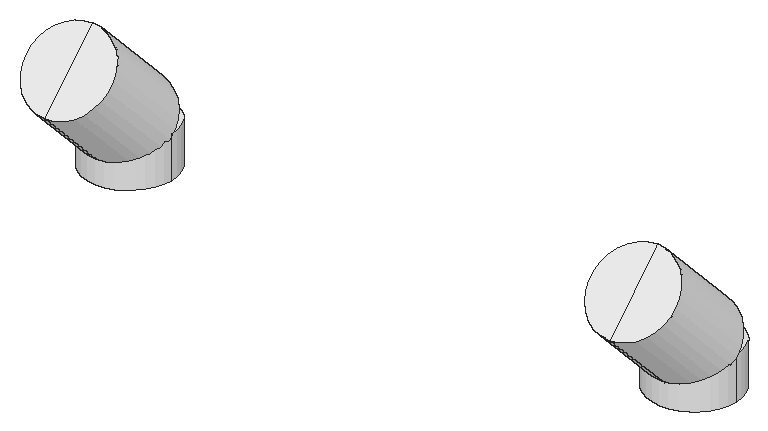
Revit family "Deca_Misturador de mesa para cozinha_Izy_1256.37", category Plumbing Fixtures, host Face, Revit 2019
Family settings
  Host = Face
  Round Connector Dimension = Use Radius
  Part Type = Normal
  Cut with Voids When Loaded = No
  Shared = No
  Room Calculation Point = No
Parameters (values of type "1256.C37_Cromado")
  Vazão na Pressão mín. (L/min) = "5 l/min"
  Vazão na Pressão máx. (L/min) = "16 l/min"
  URL = "www.deca.com.br"
  Tipo de rosca de saída = "-"
  Tipo de rosca de entrada = "BSP NBR 8133"
  Tipo de mecanismo utilizado = "MVC -1/4 volta"
  Tipo de dispositivo economizador = "Não"
  Segmento = "Banheiro Médio"
  Saída de Esgoto = "-"
  Raio Água Quente = 7.5 mm  # constant formula
  Raio Água Fria = 7.5 mm  # constant formula
  Pressão mín. funcionamento = "2 MCA"
  Pressão mín. Aquec. Passagem = "-"
  Pressão mín. Aquec. Acúmulo = "-"
  Pressão máx. funcionamento = "40 MCA"
  Peso Líquido (Kg) = 1.812
  Norma = "NBR16749"
  Model = "1256.C37"
  Material = Deca_Cromado
  Manufacturer = "Deca"
  Linha = "Izy"
  Itens de Instalação = "-"
  Informações Complementares = "-"
  HWFU = 0
  Diâmetro Água Quente = Raio Água Quente * 2  # 15 mm
  Diâmetro Água Fria = Raio Água Fria * 2  # 15 mm
  Description = "Misturador de mesa para cozinha"
  Default Elevation = 0 mm
  Código Pai = "1256.37"
  Criado por = "quattroD"
  Cores Componente = "-"
  Cor Secundária = "-"
  Cor Principal = "Cromado"
  Cor Interna = "-"
  Consumo = "-"
  Composição Componente = "-"
  Composição Básica = "Liga de Cobre (bronze e latão),Plásticos de Engenharia,Elastômeros"
  Composição Assento = "-"
  Composição Anel Vedação = "-"
  Categoria = "METAIS PARA COZINHA"
  CWFU = 0
  Atendimento ao Cliente = "0800-0117073"
  Assembly Code = ""
  Aprovado por = "quattroD"
  Acompanha o Produto = "-"
Reference planes
  plane 1 "Center (Front/Back)": y = 0
  plane 2: z = 0
  plane 3 "Center (Left/Right)": x = 0
Forms (mm)
  Revolve 1, solid, material "Deca_Cromado" <- "Material"
    sketch origin (-100, 28.328, 1219.2) x (0, 1, 0) y (0, 0, 1)
      loop
        line (-17.576, -1153.589) -> (-44.59, -1126.576) -> (-55.212, -1137.198) -> (-28.345, -1164.066) -> (-17.576, -1153.589)
      axis (-55.212, -1137.198) -> (-28.199, -1164.212)
    angle from 0 to 360
  Extrusion 2, solid, material "Deca_Cromado" <- "Material"
    sketch origin (0, 0, 0) x (1, 0, 0) y (0, 1, 0)
      loop
        circle (-100, 0) r 15
    from 40.686 to 55.358
  Revolve 3, solid, material "Deca_Cromado" <- "Material"
    sketch origin (100, 28.328, 1219.2) x (0, 1, 0) y (0, 0, 1)
      loop
        line (-17.576, -1153.589) -> (-44.59, -1126.576) -> (-55.212, -1137.198) -> (-28.345, -1164.066) -> (-17.576, -1153.589)
      axis (-55.212, -1137.198) -> (-28.199, -1164.212)
    angle from 0 to 360
  Extrusion 4, solid, material "Deca_Cromado" <- "Material"
    sketch origin (0, 0, 0) x (-1, 0, 0) y (0, -1, 0)
      loop
        circle (-100, 0) r 15
    from 40.686 to 55.358
Lines and regions (mm)
  Masking region 1
    outline origin (0, 0, 0) x (1, 0, 0) y (0, 1, 0)
      loop
        arc (109.226, -41.997) -> (109.903, -40.438) -> (110.216, -38.767) r 7.616
        line (110.216, -38.767) -> (114.749, -33.907)
        arc (114.749, -33.907) -> (115.043, -33.375) -> (115.054, -32.767) r 1.257
        line (115.054, -32.767) -> (115.054, -28.265) -> (115.72, -26.215)
        arc (115.72, -26.215) -> (115.961, -24.693) -> (115.72, -23.171) r 4.926
        arc (115.72, -23.171) -> (117.251, 22.054) -> (73.726, 9.678) r 28
        line (73.726, 9.678) -> (7.88, 12.009)
        arc (7.88, 12.009) -> (0, 14.364) -> (-7.88, 12.009) r 14.364
        line (-7.88, 12.009) -> (-73.737, 9.709)
        arc (-73.737, 9.709) -> (-117.265, 22.044) -> (-115.72, -23.171) r 28
        arc (-115.72, -23.171) -> (-115.871, -24.899) -> (-115.72, -26.626) r 9.95
        line (-115.72, -26.626) -> (-115.114, -28.291) -> (-115.114, -33.87) -> (-110.219, -38.765)
        arc (-110.219, -38.765) -> (-109.872, -40.404) -> (-109.147, -41.913) r 7.018
        arc (-109.147, -41.913) -> (-110.735, -43.972) -> (-111.868, -46.313) r 12.622
        line (-111.868, -46.313) -> (-133, -46.313) -> (-133, -57.313) -> (-111.876, -57.313)
        arc (-111.876, -57.313) -> (-109.683, -61.75) -> (-105.5, -64.396) r 9.148
        line (-105.5, -64.396) -> (-105.5, -74.69)
        spline (-105.5, -74.69) -> (-105.313, -75.696) -> (-104.763, -76.634) -> (-103.889, -77.44) -> (-102.75, -78.058) -> (-101.424, -78.446) -> (-100, -78.579) -> (-98.576, -78.446) -> (-97.25, -78.058) -> (-96.111, -77.44) -> (-95.237, -76.634) -> (-94.687, -75.696) -> (-94.5, -74.69)
        line (-94.5, -74.69) -> (-94.5, -64.396)
        arc (-94.5, -64.396) -> (-90.191, -61.905) -> (-88.269, -57.313) r 7.792
        line (-88.269, -57.313) -> (-67, -57.313) -> (-67, -46.313) -> (-88.132, -46.313)
        arc (-88.132, -46.313) -> (-89.234, -44.022) -> (-90.774, -41.997) r 12.622
        arc (-90.774, -41.997) -> (-89.999, -40.415) -> (-89.78, -38.667) r 5.346
        arc (-89.78, -38.667) -> (-87.189, -36.43) -> (-84.952, -33.839) r 23.37
        arc (-84.952, -33.839) -> (-84.893, -33.301) -> (-84.952, -32.762) r 2.468
        line (-84.952, -32.762) -> (-84.952, -28.32) -> (-84.124, -25.289) -> (-84.124, -23.064)
        arc (-84.124, -23.064) -> (-77.888, -17.177) -> (-73.726, -9.678) r 28
        line (-73.726, -9.678) -> (-8.75, -11.979) -> (-8.75, -163.047)
        spline (-8.75, -163.047) -> (-9.125, -163.489) -> (-9.477, -163.948) -> (-9.807, -164.424) -> (-10.112, -164.916) -> (-10.392, -165.422) -> (-10.647, -165.941) -> (-10.876, -166.473) -> (-11.078, -167.015) -> (-11.252, -167.566) -> (-11.4, -168.126) -> (-11.519, -168.691) -> (-11.61, -169.263)
        line (-11.61, -169.263) -> (-11.61, -174.834)
        spline (-11.61, -174.834) -> (-11.214, -177.828) -> (-10.054, -180.618) -> (-8.209, -183.014) -> (-5.805, -184.853) -> (-3.005, -186.008) -> (0, -186.402) -> (3.005, -186.008) -> (5.805, -184.853) -> (8.209, -183.014) -> (10.054, -180.618) -> (11.214, -177.828) -> (11.61, -174.834)
        line (11.61, -174.834) -> (11.61, -169.263)
        spline (11.61, -169.263) -> (11.519, -168.691) -> (11.4, -168.126) -> (11.252, -167.566) -> (11.078, -167.015) -> (10.876, -166.473) -> (10.647, -165.941) -> (10.392, -165.422) -> (10.112, -164.916) -> (9.807, -164.424) -> (9.477, -163.948) -> (9.125, -163.489) -> (8.75, -163.047)
        line (8.75, -163.047) -> (8.75, -11.979) -> (73.737, -9.709)
        arc (73.737, -9.709) -> (77.956, -17.265) -> (84.28, -23.171) r 28
        line (84.28, -23.171) -> (84.28, -26.209) -> (84.945, -28.384) -> (84.945, -33.384) -> (89.78, -38.946)
        arc (89.78, -38.946) -> (89.971, -40.583) -> (90.728, -42.047) r 4.586
        arc (90.728, -42.047) -> (89.217, -44.05) -> (88.132, -46.313) r 12.622
        line (88.132, -46.313) -> (67, -46.313) -> (67, -57.313) -> (88.124, -57.313)
        arc (88.124, -57.313) -> (90.317, -61.75) -> (94.5, -64.396) r 9.148
        line (94.5, -64.396) -> (94.5, -74.69)
        spline (94.5, -74.69) -> (94.687, -75.696) -> (95.237, -76.634) -> (96.111, -77.44) -> (97.25, -78.058) -> (98.576, -78.446) -> (100, -78.579) -> (101.424, -78.446) -> (102.75, -78.058) -> (103.889, -77.44) -> (104.763, -76.634) -> (105.313, -75.696) -> (105.5, -74.69)
        line (105.5, -74.69) -> (105.5, -64.396)
        arc (105.5, -64.396) -> (109.809, -61.905) -> (111.731, -57.313) r 7.792
        line (111.731, -57.313) -> (133, -57.313) -> (133, -46.313) -> (111.868, -46.313)
        arc (111.868, -46.313) -> (110.735, -43.971) -> (109.146, -41.912) r 12.622
  Masking region 2
    outline origin (0, 0, 0) x (0, 1, 0) y (0, 0, 1)
      loop
        line (-27, 0) -> (27, 0) -> (27, 9.5)
        arc (27, 9.5) -> (26.854, 9.854) -> (26.5, 10) r 0.5
        line (26.5, 10) -> (14.999, 10) -> (14.999, 55.327) -> (16.999, 76.653) -> (16.999, 83.653) -> (13.073, 83.653) -> (13.073, 85.038) -> (17.002, 85.038) -> (17.002, 99.038) -> (8.75, 99.038) -> (8.75, 131.326)
        arc (8.75, 131.326) -> (-0.948, 176.284) -> (-27.878, 213.568) r 112.139
        line (-27.878, 213.568) -> (-106.75, 284.548)
        arc (-106.75, 284.548) -> (-153.425, 291.41) -> (-178.773, 251.621) r 43.39
        arc (-178.773, 251.621) -> (-179.231, 250.033) -> (-180.46, 248.929) r 3
        arc (-180.46, 248.929) -> (-180.777, 248.686) -> (-180.974, 248.339) r 1
        line (-180.974, 248.339) -> (-181.623, 247.85) -> (-181.623, 228.65)
        arc (-181.623, 228.65) -> (-181.33, 227.943) -> (-180.623, 227.65) r 1
        line (-180.623, 227.65) -> (-176.023, 227.65)
        arc (-176.023, 227.65) -> (-175.442, 226.831) -> (-174.623, 226.25) r 3
        line (-174.623, 226.25) -> (-174.623, 224.5) -> (-180.848, 219.637) -> (-181.623, 219.5) -> (-181.623, 201)
        arc (-181.623, 201) -> (-181.33, 200.293) -> (-180.623, 200) r 1
        line (-180.623, 200) -> (-159.423, 200)
        arc (-159.423, 200) -> (-158.716, 200.293) -> (-158.423, 201) r 1
        line (-158.423, 201) -> (-158.423, 219.5) -> (-159.198, 219.637) -> (-165.423, 224.5) -> (-165.423, 226.25)
        arc (-165.423, 226.25) -> (-164.604, 226.831) -> (-164.023, 227.65) r 3
        line (-164.023, 227.65) -> (-159.423, 227.65)
        arc (-159.423, 227.65) -> (-158.716, 227.943) -> (-158.423, 228.65) r 1
        line (-158.423, 228.65) -> (-158.423, 247.85) -> (-159.072, 248.339)
        arc (-159.072, 248.339) -> (-159.268, 248.686) -> (-159.585, 248.929) r 1
        arc (-159.585, 248.929) -> (-160.787, 249.989) -> (-161.271, 251.517) r 3
        arc (-161.271, 251.517) -> (-146.351, 275.4) -> (-118.456, 271.54) r 25.892
        line (-118.456, 271.54) -> (-39.624, 200.596)
        arc (-39.624, 200.596) -> (-16.934, 169.164) -> (-8.75, 131.272) r 94.639
        line (-8.75, 131.272) -> (-8.75, 99.038) -> (-17.002, 99.038) -> (-17.002, 91.884) -> (-17.885, 91.001) -> (-22.835, 95.951) -> (-27.892, 90.893) -> (-33.761, 96.762) -> (-30.97, 99.554)
        arc (-30.97, 99.554) -> (-30.384, 100.968) -> (-30.97, 102.382) r 2
        line (-30.97, 102.382) -> (-32.037, 103.449)
        arc (-32.037, 103.449) -> (-32.183, 103.802) -> (-32.037, 104.156) r 0.5
        line (-32.037, 104.156) -> (-17.193, 119.008) -> (-24.969, 126.78) -> (-39.811, 111.93)
        arc (-39.811, 111.93) -> (-40.165, 111.784) -> (-40.518, 111.93) r 0.5
        line (-40.518, 111.93) -> (-41.223, 112.635)
        arc (-41.223, 112.635) -> (-41.93, 112.928) -> (-42.637, 112.635) r 1
        line (-42.637, 112.635) -> (-44.05, 111.223) -> (-44.756, 111.929)
        arc (-44.756, 111.929) -> (-51.157, 106.308) -> (-56.778, 99.906) r 65.772
        line (-56.778, 99.906) -> (-56.072, 99.201) -> (-57.484, 97.788)
        arc (-57.484, 97.788) -> (-57.777, 97.081) -> (-57.484, 96.374) r 1
        line (-57.484, 96.374) -> (-56.775, 95.665)
        arc (-56.775, 95.665) -> (-56.628, 95.311) -> (-56.775, 94.958) r 0.5
        line (-56.775, 94.958) -> (-71.626, 80.099) -> (-63.849, 72.327) -> (-49.001, 87.183)
        arc (-49.001, 87.183) -> (-48.647, 87.33) -> (-48.293, 87.183) r 0.5
        line (-48.293, 87.183) -> (-47.231, 86.121)
        arc (-47.231, 86.121) -> (-45.817, 85.535) -> (-44.403, 86.121) r 2
        line (-44.403, 86.121) -> (-41.611, 88.912) -> (-35.742, 83.043) -> (-40.8, 77.986) -> (-35.85, 73.036) -> (-37.473, 71.413) -> (-19.246, 53.185)
        arc (-19.246, 53.185) -> (-16.103, 48.481) -> (-14.999, 42.932) r 14.5
        line (-14.999, 42.932) -> (-14.999, 10) -> (-26.5, 10)
        arc (-26.5, 10) -> (-26.854, 9.854) -> (-27, 9.5) r 0.5
        line (-27, 9.5) -> (-27, 0)
  Masking region 3
    outline origin (0, 0, 0) x (1, 0, 0) y (0, 0, 1)
      loop
        line (-73, 0) -> (-73, 9.5)
        arc (-73, 9.5) -> (-73.146, 9.854) -> (-73.5, 10) r 0.5
        line (-73.5, 10) -> (-85.001, 10) -> (-85.001, 26.957)
        arc (-85.001, 26.957) -> (-80.927, 37.235) -> (-70.917, 41.929) r 15
        line (-70.917, 41.929) -> (-67.615, 42.131) -> (-40.5, 42.131) -> (-0.733, 40.186)
        arc (-0.733, 40.186) -> (0, 40.169) -> (0.733, 40.186) r 15
        line (0.733, 40.186) -> (40.5, 42.131) -> (67.615, 42.131) -> (70.917, 41.929)
        arc (70.917, 41.929) -> (80.927, 37.235) -> (85.001, 26.957) r 15
        line (85.001, 26.957) -> (85.001, 10) -> (73.5, 10)
        arc (73.5, 10) -> (73.146, 9.854) -> (73, 9.5) r 0.5
        line (73, 9.5) -> (73, 0) -> (127, 0) -> (127, 9.5)
        arc (127, 9.5) -> (126.854, 9.854) -> (126.5, 10) r 0.5
        line (126.5, 10) -> (114.999, 10) -> (114.999, 82.019)
        spline (114.999, 82.019) -> (114.982, 82.519) -> (114.932, 83.018) -> (114.849, 83.514) -> (114.733, 84.008) -> (114.584, 84.496) -> (114.402, 84.98) -> (114.189, 85.457) -> (113.944, 85.926) -> (113.668, 86.386) -> (113.361, 86.837) -> (113.025, 87.277) -> (112.66, 87.706)
        spline (112.66, 87.706) -> (112.612, 88.042) -> (112.546, 88.376) -> (112.462, 88.709) -> (112.361, 89.039) -> (112.242, 89.366) -> (112.106, 89.69) -> (111.952, 90.01) -> (111.782, 90.326) -> (111.595, 90.637) -> (111.392, 90.943) -> (111.172, 91.243) -> (110.937, 91.537)
        arc (110.937, 91.537) -> (111.338, 92.771) -> (111.495, 94.059) r 6.718
        line (111.495, 94.059) -> (133, 94.059) -> (133, 105.054) -> (111.474, 105.054)
        arc (111.474, 105.054) -> (109.492, 109.36) -> (105.497, 111.911) r 8.412
        line (105.497, 111.911) -> (105.497, 122.894)
        spline (105.497, 122.894) -> (105.31, 123.9) -> (104.761, 124.837) -> (103.887, 125.642) -> (102.749, 126.26) -> (101.423, 126.648) -> (100, 126.78) -> (98.577, 126.648) -> (97.251, 126.26) -> (96.113, 125.642) -> (95.239, 124.837) -> (94.69, 123.9) -> (94.503, 122.894)
        line (94.503, 122.894) -> (94.503, 111.911)
        arc (94.503, 111.911) -> (90.508, 109.36) -> (88.526, 105.054) r 8.412
        line (88.526, 105.054) -> (67, 105.054) -> (67, 94.059) -> (88.505, 94.059)
        arc (88.505, 94.059) -> (88.662, 92.771) -> (89.063, 91.537) r 6.718
        spline (89.063, 91.537) -> (88.828, 91.243) -> (88.608, 90.943) -> (88.405, 90.637) -> (88.218, 90.326) -> (88.048, 90.01) -> (87.894, 89.69) -> (87.758, 89.366) -> (87.639, 89.039) -> (87.538, 88.709) -> (87.454, 88.376) -> (87.388, 88.042) -> (87.34, 87.706)
        spline (87.34, 87.706) -> (86.975, 87.277) -> (86.639, 86.837) -> (86.332, 86.386) -> (86.056, 85.926) -> (85.811, 85.457) -> (85.598, 84.98) -> (85.416, 84.496) -> (85.267, 84.008) -> (85.151, 83.514) -> (85.068, 83.018) -> (85.018, 82.519) -> (85.001, 82.019)
        line (85.001, 82.019) -> (85.001, 75.087)
        spline (85.001, 75.087) -> (84.992, 74.942) -> (84.92, 74.509) -> (84.719, 73.814) -> (84.326, 72.924) -> (83.712, 71.944) -> (82.912, 70.999) -> (81.99, 70.201) -> (81.057, 69.598) -> (80.218, 69.204) -> (79.543, 68.984) -> (79.068, 68.884) -> (78.808, 68.855)
        line (78.808, 68.855) -> (67.615, 68.17) -> (40.5, 68.17) -> (23.625, 68.996)
        arc (23.625, 68.996) -> (18.674, 71.407) -> (16.999, 76.653) r 7
        line (16.999, 76.653) -> (16.999, 83.653) -> (13.073, 83.653) -> (13.073, 85.038) -> (17.002, 85.038) -> (17.002, 99.038) -> (8.75, 99.038) -> (8.75, 200) -> (10.6, 200)
        arc (10.6, 200) -> (11.307, 200.293) -> (11.6, 201) r 1
        line (11.6, 201) -> (11.6, 219.5) -> (10.825, 219.637) -> (8.75, 221.258) -> (8.75, 227.65) -> (10.6, 227.65)
        arc (10.6, 227.65) -> (11.307, 227.943) -> (11.6, 228.65) r 1
        line (11.6, 228.65) -> (11.6, 247.85) -> (10.958, 248.316)
        arc (10.958, 248.316) -> (10.762, 248.677) -> (10.437, 248.929) r 1
        arc (10.437, 248.929) -> (9.207, 250.036) -> (8.75, 251.627) r 3
        line (8.75, 251.627) -> (8.75, 286.504)
        arc (8.75, 286.504) -> (0, 295.254) -> (-8.75, 286.504) r 8.75
        line (-8.75, 286.504) -> (-8.75, 251.627)
        arc (-8.75, 251.627) -> (-9.207, 250.036) -> (-10.438, 248.929) r 3
        arc (-10.438, 248.929) -> (-10.762, 248.677) -> (-10.958, 248.316) r 1
        line (-10.958, 248.316) -> (-11.6, 247.85) -> (-11.6, 228.65)
        arc (-11.6, 228.65) -> (-11.307, 227.943) -> (-10.6, 227.65) r 1
        line (-10.6, 227.65) -> (-8.75, 227.65) -> (-8.75, 221.258) -> (-10.825, 219.637) -> (-11.6, 219.5) -> (-11.6, 201)
        arc (-11.6, 201) -> (-11.307, 200.293) -> (-10.6, 200) r 1
        line (-10.6, 200) -> (-8.75, 200) -> (-8.75, 99.038) -> (-17.002, 99.038) -> (-17.002, 85.038) -> (-13.073, 85.038) -> (-13.073, 83.653) -> (-16.999, 83.653) -> (-16.999, 76.653)
        arc (-16.999, 76.653) -> (-18.674, 71.407) -> (-23.625, 68.996) r 7
        line (-23.625, 68.996) -> (-40.5, 68.17) -> (-67.615, 68.17) -> (-78.808, 68.855)
        spline (-78.808, 68.855) -> (-79.068, 68.884) -> (-79.543, 68.984) -> (-80.218, 69.204) -> (-81.057, 69.598) -> (-81.99, 70.201) -> (-82.912, 70.999) -> (-83.712, 71.944) -> (-84.326, 72.924) -> (-84.719, 73.814) -> (-84.92, 74.509) -> (-84.992, 74.942) -> (-85.001, 75.087)
        line (-85.001, 75.087) -> (-85.001, 82.019)
        spline (-85.001, 82.019) -> (-85.018, 82.519) -> (-85.068, 83.018) -> (-85.151, 83.514) -> (-85.267, 84.008) -> (-85.416, 84.496) -> (-85.598, 84.98) -> (-85.811, 85.457) -> (-86.056, 85.926) -> (-86.332, 86.386) -> (-86.639, 86.837) -> (-86.975, 87.277) -> (-87.34, 87.706)
        spline (-87.34, 87.706) -> (-87.388, 88.042) -> (-87.454, 88.376) -> (-87.538, 88.709) -> (-87.639, 89.039) -> (-87.758, 89.366) -> (-87.894, 89.69) -> (-88.048, 90.01) -> (-88.218, 90.326) -> (-88.405, 90.637) -> (-88.608, 90.943) -> (-88.828, 91.243) -> (-89.063, 91.537)
        arc (-89.063, 91.537) -> (-88.662, 92.771) -> (-88.505, 94.059) r 6.718
        line (-88.505, 94.059) -> (-67, 94.059) -> (-67, 105.054) -> (-88.526, 105.054)
        arc (-88.526, 105.054) -> (-90.508, 109.36) -> (-94.503, 111.911) r 8.412
        line (-94.503, 111.911) -> (-94.503, 122.894)
        spline (-94.503, 122.894) -> (-94.69, 123.9) -> (-95.239, 124.837) -> (-96.113, 125.642) -> (-97.251, 126.26) -> (-98.577, 126.648) -> (-100, 126.78) -> (-101.423, 126.648) -> (-102.749, 126.26) -> (-103.887, 125.642) -> (-104.761, 124.837) -> (-105.31, 123.9) -> (-105.497, 122.894)
        line (-105.497, 122.894) -> (-105.497, 111.911)
        arc (-105.497, 111.911) -> (-109.492, 109.36) -> (-111.474, 105.054) r 8.412
        line (-111.474, 105.054) -> (-133, 105.054) -> (-133, 94.059) -> (-111.495, 94.059)
        arc (-111.495, 94.059) -> (-111.338, 92.771) -> (-110.937, 91.537) r 6.718
        spline (-110.937, 91.537) -> (-111.172, 91.243) -> (-111.392, 90.943) -> (-111.595, 90.637) -> (-111.782, 90.326) -> (-111.952, 90.01) -> (-112.106, 89.69) -> (-112.242, 89.366) -> (-112.361, 89.039) -> (-112.462, 88.709) -> (-112.546, 88.376) -> (-112.612, 88.042) -> (-112.66, 87.706)
        spline (-112.66, 87.706) -> (-113.025, 87.277) -> (-113.361, 86.837) -> (-113.668, 86.386) -> (-113.944, 85.926) -> (-114.189, 85.457) -> (-114.402, 84.98) -> (-114.584, 84.496) -> (-114.733, 84.008) -> (-114.849, 83.514) -> (-114.932, 83.018) -> (-114.982, 82.519) -> (-114.999, 82.019)
        line (-114.999, 82.019) -> (-114.999, 10) -> (-126.5, 10)
        arc (-126.5, 10) -> (-126.854, 9.854) -> (-127, 9.5) r 0.5
        line (-127, 9.5) -> (-127, 0) -> (-73, 0)
  symbolic lines
    curve 1: arc (-88.3, 10.616, 0) -> (-86.968, 9.643, 0) -> (-85.351, 9.316, 0) r 3.861
    curve 2: line (-85.351, 9.316, 0) -> (-73.742, 9.721, 0)
    curve 3: line (-115.87, -3.775, 0) -> (-115.87, -23.068, 0)
    curve 4: line (-84.13, -23.068, 0) -> (-84.13, -9.263, 0)
    curve 5: arc (-84.13, -9.263, 0) -> (-84.592, -4.542, 0) -> (-85.962, 0, 0) r 24.331
    curve 6: arc (-85.962, 0, 0) -> (-87.925, 5.133, 0) -> (-88.3, 10.616, 0) r 18.568
    curve 7: arc (-115.87, -23.068, 0) -> (-100, -13.538, 0) -> (-84.13, -23.068, 0) r 17.979
    curve 8: line (-115.054, -27.325, 0) -> (-115.054, -21.688, 0)
    curve 9: line (-84.946, -21.688, 0) -> (-84.946, -26.535, 0)
    curve 10: line (-105.469, -29.185, 0) -> (-105.469, -42.279, 0)
    curve 11: line (-94.531, -42.279, 0) -> (-94.531, -29.185, 0)
    curve 12: spline (-94.53, -29.094, 0) -> (-94.716, -28.036, 0) -> (-95.263, -27.051, 0) -> (-96.132, -26.205, 0) -> (-97.265, -25.555, 0) -> (-98.584, -25.147, 0) -> (-100, -25.008, 0) -> (-101.416, -25.147, 0) -> (-102.735, -25.555, 0) -> (-103.868, -26.205, 0) -> (-104.737, -27.051, 0) -> (-105.284, -28.036, 0) -> (-105.47, -29.094, 0) -> (-105.284, -30.151, 0) -> (-104.737, -31.137, 0) -> (-103.868, -31.983, 0) -> (-102.735, -32.632, 0) -> (-101.416, -33.04, 0) -> (-100, -33.18, 0) -> (-98.584, -33.04, 0) -> (-97.265, -32.632, 0) -> (-96.132, -31.983, 0) -> (-95.263, -31.137, 0) -> (-94.716, -30.151, 0) -> (-94.53, -29.094, 0)
    curve 13: arc (-84.952, -33.839, 0) -> (-86.215, -30.186, 0) -> (-84.946, -26.535, 0) r 5.9
    curve 14: arc (-84.946, -26.535, 0) -> (-89.535, -25.651, 0) -> (-90.909, -21.184, 0) r 4.536
    curve 15: arc (-90.909, -21.184, 0) -> (-95.923, -22.683, 0) -> (-100, -19.401, 0) r 5.622
    curve 16: arc (-100, -19.401, 0) -> (-104.037, -22.39, 0) -> (-108.913, -21.184, 0) r 5.898
    curve 17: arc (-108.913, -21.184, 0) -> (-110.712, -25.526, 0) -> (-115.054, -27.325, 0) r 6.141
    curve 18: arc (-115.054, -27.325, 0) -> (-113.692, -30.661, 0) -> (-114.944, -34.04, 0) r 4.966
    curve 19: arc (-100, -22.751, 0) -> (-104.658, -23.268, 0) -> (-108.882, -25.298, 0) r 13.949
    curve 20: arc (-108.882, -25.298, 0) -> (-111.781, -28.774, 0) -> (-112.58, -33.228, 0) r 8.841
    curve 21: arc (-112.58, -33.228, 0) -> (-111.785, -35.552, 0) -> (-109.978, -37.217, 0) r 4.999
    curve 22: arc (-89.977, -37.495, 0) -> (-87.678, -34.416, 0) -> (-87.518, -30.577, 0) r 6.504
    curve 23: arc (-87.518, -30.577, 0) -> (-89.026, -27.401, 0) -> (-91.581, -24.985, 0) r 9.554
    curve 24: arc (-91.581, -24.985, 0) -> (-95.614, -23.204, 0) -> (-100, -22.751, 0) r 14.145
    curve 25: arc (-105.469, -32.566, 0) -> (-108.829, -34.911, 0) -> (-110.219, -38.765, 0) r 6.762
    curve 26: arc (-94.531, -32.565, 0) -> (-91.264, -34.885, 0) -> (-89.786, -38.61, 0) r 7.061
    curve 27: arc (-94.531, -35.135, 0) -> (-91.988, -37.553, 0) -> (-91.8, -41.057, 0) r 4.748
    curve 28: arc (-105.469, -35.133, 0) -> (-107.985, -37.627, 0) -> (-108.345, -41.152, 0) r 5.254
    curve 29: arc (-109.147, -41.913, 0) -> (-107.468, -40.529, 0) -> (-105.469, -39.67, 0) r 7.686
    curve 30: arc (-94.531, -39.666, 0) -> (-92.493, -40.576, 0) -> (-90.774, -41.997, 0) r 8.263
    curve 31: spline (-93.964, -58.18, 0) -> (-94.17, -57.077, 0) -> (-94.773, -56.049, 0) -> (-95.732, -55.167, 0) -> (-96.982, -54.489, 0) -> (-98.438, -54.064, 0) -> (-100, -53.919, 0) -> (-101.562, -54.064, 0) -> (-103.018, -54.489, 0) -> (-104.268, -55.167, 0) -> (-105.227, -56.049, 0) -> (-105.83, -57.077, 0) -> (-106.036, -58.18, 0) -> (-105.83, -59.282, 0) -> (-105.227, -60.31, 0) -> (-104.268, -61.192, 0) -> (-103.018, -61.87, 0) -> (-101.562, -62.295, 0) -> (-100, -62.44, 0) -> (-98.438, -62.295, 0) -> (-96.982, -61.87, 0) -> (-95.732, -61.192, 0) -> (-94.773, -60.31, 0) -> (-94.17, -59.282, 0) -> (-93.964, -58.18, 0)
    curve 32: arc (-112.037, -57.265, 0) -> (-112.552, -56.859, 0) -> (-112.749, -56.235, 0) r 1.114
    curve 33: arc (-112.749, -56.235, 0) -> (-112.724, -55.238, 0) -> (-112.633, -54.246, 0) r 15.045
    curve 34: arc (-112.633, -54.246, 0) -> (-112.181, -52.584, 0) -> (-111.682, -50.936, 0) r 61.635
    curve 35: arc (-111.682, -50.936, 0) -> (-111.27, -49.486, 0) -> (-110.947, -48.014, 0) r 24.508
    curve 36: arc (-110.947, -48.014, 0) -> (-111.108, -46.999, 0) -> (-111.874, -46.313, 0) r 1.533
    curve 37: arc (-111.893, -55.614, 0) -> (-100.145, -48.449, 0) -> (-88.398, -55.614, 0) r 13.214
    curve 38: arc (-100, -46.718, 0) -> (-101.859, -46.594, 0) -> (-103.665, -46.137, 0) r 10.298
    curve 39: arc (-103.665, -46.137, 0) -> (-105.377, -44.587, 0) -> (-105.469, -42.279, 0) r 2.983
    curve 40: arc (-100, -46.718, 0) -> (-98.141, -46.594, 0) -> (-96.335, -46.137, 0) r 10.298
    curve 41: arc (-96.335, -46.137, 0) -> (-94.623, -44.587, 0) -> (-94.531, -42.279, 0) r 2.983
    curve 42: line (84.13, -22.692, 0) -> (84.13, -9.263, 0)
    curve 43: arc (115.72, -23.171, 0) -> (100.067, -13.539, 0) -> (84.13, -22.692, 0) r 17.979
    curve 44: line (115.054, -27.325, 0) -> (115.054, -22.008, 0)
    curve 45: line (84.946, -21.379, 0) -> (84.946, -26.535, 0)
    curve 46: line (105.5, -29.094, 0) -> (105.5, -42.366, 0)
    curve 47: line (94.5, -42.366, 0) -> (94.5, -29.094, 0)
    curve 48: spline (94.5, -29.094, 0) -> (94.687, -28.036, 0) -> (95.237, -27.051, 0) -> (96.111, -26.205, 0) -> (97.25, -25.555, 0) -> (98.576, -25.147, 0) -> (100, -25.008, 0) -> (101.424, -25.147, 0) -> (102.75, -25.555, 0) -> (103.889, -26.205, 0) -> (104.763, -27.051, 0) -> (105.313, -28.036, 0) -> (105.5, -29.094, 0) -> (105.313, -30.151, 0) -> (104.763, -31.137, 0) -> (103.889, -31.983, 0) -> (102.75, -32.632, 0) -> (101.424, -33.04, 0) -> (100, -33.18, 0) -> (98.576, -33.04, 0) -> (97.25, -32.632, 0) -> (96.111, -31.983, 0) -> (95.237, -31.137, 0) -> (94.687, -30.151, 0) -> (94.5, -29.094, 0)
    curve 49: arc (85.132, -33.599, 0) -> (86.213, -30.036, 0) -> (84.946, -26.535, 0) r 5.9
    curve 50: arc (84.946, -26.535, 0) -> (89.535, -25.651, 0) -> (90.909, -21.184, 0) r 4.536
    curve 51: arc (90.909, -21.184, 0) -> (95.923, -22.683, 0) -> (100, -19.401, 0) r 5.622
    curve 52: arc (100, -19.401, 0) -> (104.037, -22.39, 0) -> (108.913, -21.184, 0) r 5.898
    curve 53: arc (108.913, -21.184, 0) -> (110.712, -25.526, 0) -> (115.054, -27.325, 0) r 6.141
    curve 54: arc (115.054, -27.325, 0) -> (113.695, -30.543, 0) -> (114.792, -33.86, 0) r 4.966
    curve 55: arc (100, -22.751, 0) -> (104.658, -23.268, 0) -> (108.882, -25.298, 0) r 13.949
    curve 56: arc (108.882, -25.298, 0) -> (111.781, -28.774, 0) -> (112.58, -33.228, 0) r 8.841
    curve 57: arc (112.58, -33.228, 0) -> (111.785, -35.552, 0) -> (109.978, -37.217, 0) r 4.999
    curve 58: arc (89.977, -37.495, 0) -> (87.678, -34.416, 0) -> (87.518, -30.577, 0) r 6.504
    curve 59: arc (87.518, -30.577, 0) -> (89.026, -27.401, 0) -> (91.581, -24.985, 0) r 9.554
    curve 60: arc (91.581, -24.985, 0) -> (95.614, -23.204, 0) -> (100, -22.751, 0) r 14.145
    curve 61: arc (105.5, -32.576, 0) -> (108.839, -34.924, 0) -> (110.219, -38.765, 0) r 6.762
    curve 62: arc (94.5, -32.576, 0) -> (91.157, -35.025, 0) -> (89.764, -38.928, 0) r 7.061
    curve 63: arc (94.5, -35.147, 0) -> (91.981, -37.568, 0) -> (91.8, -41.057, 0) r 4.748
    curve 64: arc (105.5, -35.147, 0) -> (107.992, -37.642, 0) -> (108.345, -41.152, 0) r 5.254
    curve 65: arc (109.147, -41.913, 0) -> (107.482, -40.537, 0) -> (105.5, -39.678, 0) r 7.686
    curve 66: arc (94.5, -39.675, 0) -> (92.48, -40.584, 0) -> (90.774, -41.997, 0) r 8.263
    curve 67: spline (93.964, -58.18, 0) -> (94.17, -57.077, 0) -> (94.773, -56.049, 0) -> (95.732, -55.167, 0) -> (96.982, -54.489, 0) -> (98.438, -54.064, 0) -> (100, -53.919, 0) -> (101.562, -54.064, 0) -> (103.018, -54.489, 0) -> (104.268, -55.167, 0) -> (105.227, -56.049, 0) -> (105.83, -57.077, 0) -> (106.036, -58.18, 0) -> (105.83, -59.282, 0) -> (105.227, -60.31, 0) -> (104.268, -61.192, 0) -> (103.018, -61.87, 0) -> (101.562, -62.295, 0) -> (100, -62.44, 0) -> (98.438, -62.295, 0) -> (96.982, -61.87, 0) -> (95.732, -61.192, 0) -> (94.773, -60.31, 0) -> (94.17, -59.282, 0) -> (93.964, -58.18, 0)
    curve 68: arc (89.703, -48.252, 0) -> (89.542, -49.541, 0) -> (89.266, -50.809, 0) r 14.468
    curve 69: arc (89.266, -50.809, 0) -> (88.666, -52.834, 0) -> (88.214, -54.898, 0) r 29.057
    curve 70: arc (88.214, -54.898, 0) -> (88.084, -56.102, 0) -> (88.125, -57.313, 0) r 8.521
    curve 71: arc (111.724, -55.567, 0) -> (99.793, -48.451, 0) -> (88.091, -55.937, 0) r 13.214
    curve 72: arc (100, -46.718, 0) -> (101.859, -46.594, 0) -> (103.665, -46.137, 0) r 10.298
    curve 73: arc (103.665, -46.137, 0) -> (105.357, -44.629, 0) -> (105.5, -42.366, 0) r 2.983
    curve 74: arc (100, -46.718, 0) -> (98.141, -46.594, 0) -> (96.335, -46.137, 0) r 10.298
    curve 75: arc (96.335, -46.137, 0) -> (94.643, -44.629, 0) -> (94.5, -42.366, 0) r 2.983
    curve 76: arc (88.3, 10.616, 0) -> (86.968, 9.643, 0) -> (85.351, 9.316, 0) r 3.861
    curve 77: line (85.351, 9.316, 0) -> (73.742, 9.721, 0)
    curve 78: arc (84.13, -9.263, 0) -> (84.592, -4.542, 0) -> (85.962, 0, 0) r 24.331
    curve 79: arc (85.962, 0, 0) -> (87.925, 5.133, 0) -> (88.3, 10.616, 0) r 18.568
    curve 80: line (-83.879, -9.354, 0) -> (-73.885, -9.708, 0)
    curve 81: arc (-8.75, -11.647, 0) -> (-12.839, -6.441, 0) -> (-14.364, 0, 0) r 15.397
    curve 82: arc (-14.364, 0, 0) -> (-12.868, 6.71, 0) -> (-8.495, 12.014, 0) r 14.756
    curve 83: arc (8.75, -11.647, 0) -> (12.839, -6.441, 0) -> (14.364, 0, 0) r 15.397
    curve 84: arc (14.364, 0, 0) -> (12.868, 6.71, 0) -> (8.495, 12.014, 0) r 14.756
    curve 85: line (8.75, -163.047, 0) -> (8.75, -170.24, 0)
    curve 86: line (-8.75, -163.047, 0) -> (-8.75, -170.342, 0)
    curve 87: arc (-8.75, -170.342, 0) -> (-6.202, -176.494, 0) -> (-0.051, -179.041, 0) r 8.699
    curve 88: arc (-0.051, -179.041, 0) -> (6.172, -176.464, 0) -> (8.75, -170.24, 0) r 8.801
    curve 89: line (-8.75, -11.979, 0) -> (-8.75, -0.275, 0)
    curve 90: line (8.75, -11.979, 0) -> (8.75, -0.275, 0)
    curve 91: arc (0, 8.475, 0) -> (-6.187, 5.912, 0) -> (-8.75, -0.275, 0) r 8.75
    curve 92: arc (0, 8.475, 0) -> (6.187, 5.912, 0) -> (8.75, -0.275, 0) r 8.75
    curve 93: line (83.885, -9.708, 0) -> (73.885, -9.708, 0)
    curve 94: arc (-115.87, -3.775, 0) -> (-107.709, 14.195, 0) -> (-88.3, 10.616, 0) r 16.024
    curve 95: line (115.72, -4.349, 0) -> (115.72, -23.171, 0)
    curve 96: arc (115.72, -4.349, 0) -> (107.971, 14.056, 0) -> (88.3, 10.616, 0) r 16.024
    curve 97: arc (-111.893, -55.614, 0) -> (-112.127, -56.425, 0) -> (-112.037, -57.265, 0) r 2.188
    curve 98: arc (-88.269, -57.313, 0) -> (-87.644, -56.927, 0) -> (-87.396, -56.235, 0) r 1.114
    curve 99: arc (-87.396, -56.235, 0) -> (-87.416, -55.328, 0) -> (-87.491, -54.424, 0) r 15.045
    curve 100: arc (-87.491, -54.424, 0) -> (-87.957, -52.699, 0) -> (-88.474, -50.989, 0) r 61.635
    curve 101: arc (-88.474, -50.989, 0) -> (-88.887, -49.539, 0) -> (-89.209, -48.066, 0) r 24.508
    curve 102: arc (-89.209, -48.066, 0) -> (-89.009, -46.982, 0) -> (-88.133, -46.313, 0) r 1.533
    curve 103: arc (-88.398, -55.614, 0) -> (-88.161, -56.45, 0) -> (-88.269, -57.313, 0) r 2.188
    curve 104: line (-90.909, -21.184, 0) -> (-90.909, -16.006, 0)
    curve 105: line (-100, -19.401, 0) -> (-100, -13.538, 0)
    curve 106: line (-108.913, -21.184, 0) -> (-108.913, -15.903, 0)
    curve 107: arc (88.132, -46.313, 0) -> (89.285, -46.985, 0) -> (89.703, -48.252, 0) r 1.883
    curve 108: arc (110.142, -48.261, 0) -> (110.303, -49.545, 0) -> (110.578, -50.809, 0) r 14.468
    curve 109: arc (110.578, -50.809, 0) -> (111.178, -52.834, 0) -> (111.63, -54.898, 0) r 29.057
    curve 110: arc (111.63, -54.898, 0) -> (111.76, -56.102, 0) -> (111.719, -57.313, 0) r 8.521
    curve 111: arc (110.142, -48.261, 0) -> (110.508, -46.847, 0) -> (111.868, -46.313, 0) r 1.608
    curve 112: line (90.909, -21.184, 0) -> (90.909, -15.886, 0)
    curve 113: line (100, -19.401, 0) -> (100, -13.538, 0)
    curve 114: line (108.913, -21.184, 0) -> (108.913, -16.021, 0)
    curve 115: arc (-105.5, -64.396, 0) -> (-100, -65.009, 0) -> (-94.5, -64.396, 0) r 24.972
    curve 116: arc (94.5, -64.396, 0) -> (100, -65.31, 0) -> (105.5, -64.396, 0) r 17.001
  symbolic lines, style "PlumbingFixtures"
    curve 117: arc (0, 10.752, 65.611) -> (0, 13.895, 60.906) -> (0, 14.999, 55.358) r 14.5
    curve 118: arc (0, -19.246, 53.185) -> (0, -16.103, 48.481) -> (0, -14.999, 42.932) r 14.5
    curve 119: line (0, -51.446, 92.513) -> (0, -48.288, 87.178)
    curve 120: line (0, -56.777, 95.667) -> (0, -51.446, 92.513)
    curve 121: line (0, -51.752, 92.207) -> (0, -56.774, 94.958)
    curve 122: line (0, -48.999, 87.185) -> (0, -51.752, 92.207)
    curve 123: line (0, -37.366, 106.6) -> (0, -40.523, 111.935)
    curve 124: line (0, -32.035, 103.447) -> (0, -37.366, 106.6)
    curve 125: line (0, -48.381, 95.406) -> (0, -40.342, 103.621)
    curve 126: line (0, -40.342, 103.621) -> (0, -48.381, 95.406)
    curve 127: circle (0, -44.406, 99.557) r 5.497 normal (-1, 0, 0)
    curve 128: line (0, -37.06, 106.907) -> (0, -32.038, 104.155)
    curve 129: line (0, -39.813, 111.929) -> (0, -37.06, 106.907)
    curve 130: arc (0, 26.5, 10) -> (0, 26.854, 9.854) -> (0, 27, 9.5) r 0.5
    curve 131: arc (0, -27, 9.5) -> (0, -26.854, 9.854) -> (0, -26.5, 10) r 0.5
    curve 132: arc (0, -49.001, 87.183) -> (0, -48.647, 87.33) -> (0, -48.293, 87.183) r 0.5
    curve 133: arc (0, -56.775, 95.665) -> (0, -56.628, 95.311) -> (0, -56.775, 94.958) r 0.5
    curve 134: arc (0, -39.811, 111.93) -> (0, -40.165, 111.784) -> (0, -40.518, 111.93) r 0.5
    curve 135: arc (0, -32.037, 103.449) -> (0, -32.183, 103.802) -> (0, -32.037, 104.156) r 0.5
    curve 136: arc (0, -56.67, 100.047) -> (0, -51.157, 106.308) -> (0, -44.896, 111.82) r 65.772
    curve 137: arc (0, -30.97, 102.382) -> (0, -30.384, 100.968) -> (0, -30.97, 99.554) r 2
    curve 138: arc (0, -44.403, 86.121) -> (0, -45.817, 85.535) -> (0, -47.231, 86.121) r 2
    curve 139: arc (0, -42.637, 112.635) -> (0, -41.93, 112.928) -> (0, -41.223, 112.635) r 1
    curve 140: arc (0, -57.484, 96.374) -> (0, -57.777, 97.081) -> (0, -57.484, 97.788) r 1
    curve 141: arc (0, -178.773, 252.287) -> (0, -153.122, 291.547) -> (0, -106.75, 284.548) r 43.39
    curve 142: arc (0, -161.273, 252.23) -> (0, -146.027, 275.549) -> (0, -118.456, 271.54) r 25.892
    curve 143: arc (0, -27.878, 213.568) -> (0, -0.943, 176.272) -> (0, 8.75, 131.299) r 112.139
    curve 144: arc (0, -39.624, 200.596) -> (0, -16.94, 169.177) -> (0, -8.75, 131.299) r 94.639
    curve 145: arc (0, -164.023, 227.65) -> (0, -164.604, 226.831) -> (0, -165.423, 226.25) r 3
    curve 146: arc (0, -174.623, 226.25) -> (0, -175.442, 226.831) -> (0, -176.023, 227.65) r 3
    curve 147: arc (0, -159.585, 248.929) -> (0, -160.816, 250.036) -> (0, -161.273, 251.627) r 3
    curve 148: arc (0, -178.773, 251.627) -> (0, -179.229, 250.036) -> (0, -180.46, 248.929) r 3
    curve 149: arc (0, -180.623, 200) -> (0, -181.33, 200.293) -> (0, -181.623, 201) r 1
    curve 150: arc (0, -158.423, 201) -> (0, -158.716, 200.293) -> (0, -159.423, 200) r 1
    curve 151: arc (0, -180.623, 227.65) -> (0, -181.33, 227.943) -> (0, -181.623, 228.65) r 1
    curve 152: arc (0, -158.423, 228.65) -> (0, -158.716, 227.943) -> (0, -159.423, 227.65) r 1
    curve 153: arc (0, -159.585, 248.929) -> (0, -159.175, 248.56) -> (0, -159.023, 248.03) r 1
    curve 154: arc (0, -181.023, 248.03) -> (0, -180.871, 248.56) -> (0, -180.46, 248.929) r 1
    curve 155: line (0, -16.702, 99.038) -> (0, 16.702, 99.038)
    curve 156: line (0, -17.002, 91.884) -> (0, -17.002, 98.738)
    curve 157: line (0, -17.002, 98.738) -> (0, 17.002, 98.738)
    curve 158: line (0, 17.002, 98.738) -> (0, 17.002, 85.038)
    curve 159: line (0, 17.002, 85.038) -> (0, -8.676, 85.038)
    curve 160: line (0, -0.291, 76.653) -> (0, 16.999, 76.653)
    curve 161: line (0, 16.999, 76.653) -> (0, 16.999, 83.653)
    curve 162: line (0, 16.999, 83.653) -> (0, -7.291, 83.653)
    curve 163: line (0, -19.246, 53.185) -> (0, -37.473, 71.413)
    curve 164: line (0, -37.473, 71.413) -> (0, -16.262, 92.624)
    curve 165: line (0, -16.262, 92.624) -> (0, 10.752, 65.611)
    curve 166: line (0, 10.752, 65.611) -> (0, 0, 55.151)
    curve 167: line (0, 0, 55.151) -> (0, -19.246, 53.185)
    curve 168: line (0, -14.999, 10) -> (0, -14.999, 42.932)
    curve 169: line (0, -14.999, 42.932) -> (0, 0, 55.151)
    curve 170: line (0, 0, 55.151) -> (0, 14.999, 55.358)
    curve 171: line (0, 14.999, 55.358) -> (0, 14.999, 10)
    curve 172: line (0, 26.5, 10) -> (0, -26.5, 10)
    curve 173: line (0, -27, 9.5) -> (0, -27, 0)
    curve 174: line (0, -27, 0) -> (0, 27, 0)
    curve 175: line (0, 27, 0) -> (0, 27, 9.5)
    curve 176: line (0, -56.777, 95.667) -> (0, -57.484, 96.374)
    curve 177: line (0, -57.484, 96.374) -> (0, -41.223, 112.635)
    curve 178: line (0, -41.223, 112.635) -> (0, -40.523, 111.935)
    curve 179: line (0, -32.035, 103.447) -> (0, -30.97, 102.382)
    curve 180: line (0, -30.97, 102.382) -> (0, -47.231, 86.121)
    curve 181: line (0, -47.231, 86.121) -> (0, -48.288, 87.178)
    curve 182: line (0, -48.999, 87.185) -> (0, -63.849, 72.327)
    curve 183: line (0, -63.849, 72.327) -> (0, -71.626, 80.099)
    curve 184: line (0, -71.626, 80.099) -> (0, -56.774, 94.958)
    curve 185: line (0, -39.813, 111.929) -> (0, -24.969, 126.78)
    curve 186: line (0, -24.969, 126.78) -> (0, -17.193, 119.008)
    curve 187: line (0, -17.193, 119.008) -> (0, -32.038, 104.155)
    curve 188: line (0, -44.896, 111.82) -> (0, -56.67, 100.047)
    curve 189: line (0, -56.654, 99.782) -> (0, -56.072, 99.201)
    curve 190: line (0, -44.05, 111.223) -> (0, -44.631, 111.805)
    curve 191: line (0, -44.631, 111.805) -> (0, -56.654, 99.782)
    curve 192: line (0, -44.403, 86.121) -> (0, -30.97, 99.554)
    curve 193: line (0, -42.637, 112.635) -> (0, -57.484, 97.788)
    curve 194: line (0, -35.85, 73.036) -> (0, -40.8, 77.986)
    curve 195: line (0, -40.8, 77.986) -> (0, -22.835, 95.951)
    curve 196: line (0, -22.835, 95.951) -> (0, -17.885, 91.001)
    curve 197: line (0, -33.761, 96.762) -> (0, -27.892, 90.893)
    curve 198: line (0, -41.611, 88.912) -> (0, -35.742, 83.043)
    curve 199: line (0, 13.073, 83.653) -> (0, 13.073, 85.038)
    curve 200: line (0, 16.999, 76.653) -> (0, 15.01, 55.446)
    curve 201: line (0, 8.75, 99.038) -> (0, 8.75, 131.299)
    curve 202: line (0, 8.75, 131.299) -> (0, -8.75, 131.299)
    curve 203: line (0, -8.75, 131.299) -> (0, -8.75, 99.038)
    curve 204: line (0, -39.624, 200.596) -> (0, -118.456, 271.54)
    curve 205: line (0, -27.878, 213.568) -> (0, -106.75, 284.548)
    curve 206: line (0, -174.623, 224.5) -> (0, -174.623, 226.25)
    curve 207: line (0, -174.623, 226.25) -> (0, -165.423, 226.25)
    curve 208: line (0, -165.423, 226.25) -> (0, -165.423, 224.5)
    curve 209: line (0, -159.585, 248.929) -> (0, -180.46, 248.929)
    curve 210: line (0, -178.773, 251.627) -> (0, -161.273, 251.627)
    curve 211: line (0, -159.423, 200) -> (0, -180.623, 200)
    curve 212: line (0, -159.423, 227.65) -> (0, -180.623, 227.65)
    curve 213: line (0, -159.023, 248.03) -> (0, -181.023, 248.03)
    curve 214: line (0, -158.423, 201) -> (0, -181.623, 201)
    curve 215: line (0, -181.623, 201) -> (0, -181.623, 219.5)
    curve 216: line (0, -181.623, 219.5) -> (0, -158.423, 219.5)
    curve 217: line (0, -158.423, 219.5) -> (0, -158.423, 201)
    curve 218: line (0, -158.423, 228.65) -> (0, -181.623, 228.65)
    curve 219: line (0, -181.623, 228.65) -> (0, -181.623, 247.85)
    curve 220: line (0, -181.623, 247.85) -> (0, -158.423, 247.85)
    curve 221: line (0, -158.423, 247.85) -> (0, -158.423, 228.65)
    curve 222: line (0, -159.023, 219.5) -> (0, -165.423, 224.5)
    curve 223: line (0, -165.423, 224.5) -> (0, -174.623, 224.5)
    curve 224: line (0, -174.623, 224.5) -> (0, -181.023, 219.5)
    curve 225: arc (16.998, 0, 76.647) -> (18.676, 0, 71.404) -> (23.625, 0, 68.996) r 7
    curve 226: arc (-23.625, 0, 68.996) -> (-18.676, 0, 71.404) -> (-16.998, 0, 76.647) r 7
    curve 227: spline (-93.545, 0, 53.376) -> (-93.669, 0, 52.722) -> (-93.771, 0, 52.038) -> (-93.851, 0, 51.326) -> (-93.908, 0, 50.59) -> (-93.943, 0, 49.831) -> (-93.954, 0, 49.053) -> (-93.943, 0, 48.257) -> (-93.908, 0, 47.447) -> (-93.851, 0, 46.626) -> (-93.771, 0, 45.796) -> (-93.669, 0, 44.96) -> (-93.545, 0, 44.122)
    curve 228: line (-93.545, 0, 44.122) -> (-87.85, 0, 49.695)
    curve 229: line (-87.85, 0, 49.695) -> (-93.545, 0, 53.376)
    curve 230: line (-93.545, 0, 44.122) -> (-85.001, 0, 26.957)
    curve 231: line (-70.917, 0, 41.929) -> (-87.85, 0, 49.695)
    curve 232: line (-87.85, 0, 49.695) -> (-78.807, 0, 68.855)
    curve 233: line (-85.001, 0, 75.086) -> (-93.545, 0, 53.376)
    curve 234: line (93.545, 0, 53.376) -> (87.85, 0, 49.695)
    curve 235: line (87.85, 0, 49.695) -> (93.545, 0, 44.122)
    curve 236: spline (93.545, 0, 44.122) -> (93.669, 0, 44.96) -> (93.771, 0, 45.796) -> (93.851, 0, 46.626) -> (93.908, 0, 47.447) -> (93.943, 0, 48.257) -> (93.954, 0, 49.053) -> (93.943, 0, 49.831) -> (93.908, 0, 50.59) -> (93.851, 0, 51.326) -> (93.771, 0, 52.038) -> (93.669, 0, 52.722) -> (93.545, 0, 53.376)
    curve 237: line (87.85, 0, 49.695) -> (70.917, 0, 41.929)
    curve 238: line (85.001, 0, 26.957) -> (93.545, 0, 44.122)
    curve 239: line (93.545, 0, 53.376) -> (85.002, 0, 75.086)
    curve 240: line (78.807, 0, 68.855) -> (87.85, 0, 49.695)
    curve 241: arc (-0.733, 0, 40.186) -> (0, 0, 40.169) -> (0.733, 0, 40.186) r 15
    curve 242: arc (-70.917, 0, 41.929) -> (-80.927, 0, 37.235) -> (-85.001, 0, 26.957) r 15
    curve 243: line (-85.001, 0, 75.087) -> (-78.808, 0, 68.855)
    curve 244: arc (85.001, 0, 26.957) -> (80.927, 0, 37.235) -> (70.917, 0, 41.929) r 15
    curve 245: line (85.001, 0, 75.087) -> (78.807, 0, 68.855)
    curve 246: spline (-114.999, 0, 55.151) -> (-114.788, 0, 54.822) -> (-114.16, 0, 54.503) -> (-113.134, 0, 54.202) -> (-111.739, 0, 53.927) -> (-110.013, 0, 53.687) -> (-108.005, 0, 53.488) -> (-105.771, 0, 53.336) -> (-103.376, 0, 53.236) -> (-100.885, 0, 53.189) -> (-98.369, 0, 53.197) -> (-95.899, 0, 53.26) -> (-93.545, 0, 53.376)
    curve 247: spline (93.545, 0, 44.122) -> (95.899, 0, 43.398) -> (98.369, 0, 43.005) -> (100.885, 0, 42.953) -> (103.376, 0, 43.246) -> (105.771, 0, 43.873) -> (108.005, 0, 44.818) -> (110.013, 0, 46.053) -> (111.739, 0, 47.545) -> (113.134, 0, 49.251) -> (114.16, 0, 51.123) -> (114.788, 0, 53.108) -> (114.999, 0, 55.151)
    curve 248: spline (-114.999, 0, 55.151) -> (-114.788, 0, 53.108) -> (-114.16, 0, 51.123) -> (-113.134, 0, 49.251) -> (-111.739, 0, 47.545) -> (-110.013, 0, 46.053) -> (-108.005, 0, 44.818) -> (-105.771, 0, 43.873) -> (-103.376, 0, 43.246) -> (-100.885, 0, 42.953) -> (-98.369, 0, 43.005) -> (-95.899, 0, 43.398) -> (-93.545, 0, 44.122)
    curve 249: spline (93.545, 0, 53.376) -> (95.899, 0, 53.26) -> (98.369, 0, 53.197) -> (100.885, 0, 53.189) -> (103.376, 0, 53.236) -> (105.771, 0, 53.336) -> (108.005, 0, 53.488) -> (110.013, 0, 53.687) -> (111.739, 0, 53.927) -> (113.134, 0, 54.202) -> (114.16, 0, 54.503) -> (114.788, 0, 54.822) -> (114.999, 0, 55.151)
    curve 250: spline (-112.66, 0, 87.706) -> (-114.67, 0, 84.228) -> (-114.839, 0, 80.473) -> (-113.145, 0, 76.911) -> (-109.802, 0, 73.991) -> (-105.229, 0, 72.078) -> (-100, 0, 71.413) -> (-94.771, 0, 72.078) -> (-90.198, 0, 73.991) -> (-86.855, 0, 76.911) -> (-85.161, 0, 80.473) -> (-85.33, 0, 84.228) -> (-87.34, 0, 87.706)
    curve 251: arc (-73, 0, 9.5) -> (-73.146, 0, 9.854) -> (-73.5, 0, 10) r 0.5
    curve 252: arc (-126.5, 0, 10) -> (-126.854, 0, 9.854) -> (-127, 0, 9.5) r 0.5
    curve 253: line (-105.497, 0, 92.207) -> (-94.503, 0, 92.205)
    curve 254: line (-105.747, 0, 92.513) -> (-105.497, 0, 91.177)
    curve 255: line (-94.503, 0, 91.177) -> (-105.747, 0, 92.513)
    curve 256: line (-88.502, 0, 103.802) -> (-88.726, 0, 94.059)
    curve 257: line (-111.274, 0, 94.059) -> (-111.498, 0, 103.798)
    curve 258: line (-88.777, 0, 94.059) -> (-88.521, 0, 104.979)
    curve 259: line (-111.48, 0, 104.98) -> (-111.223, 0, 94.059)
    curve 260: spline (-111.498, 0, 104.505) -> (-111.106, 0, 102.4) -> (-109.958, 0, 100.439) -> (-108.13, 0, 98.756) -> (-105.749, 0, 97.463) -> (-102.976, 0, 96.651) -> (-100, 0, 96.374) -> (-97.024, 0, 96.651) -> (-94.251, 0, 97.463) -> (-91.87, 0, 98.756) -> (-90.042, 0, 100.439) -> (-88.894, 0, 102.4) -> (-88.502, 0, 104.505)
    curve 261: spline (-110.498, 0, 105.212) -> (-110.14, 0, 103.29) -> (-109.092, 0, 101.5) -> (-107.423, 0, 99.963) -> (-105.249, 0, 98.783) -> (-102.717, 0, 98.041) -> (-100, 0, 97.788) -> (-97.283, 0, 98.041) -> (-94.751, 0, 98.783) -> (-92.577, 0, 99.963) -> (-90.908, 0, 101.5) -> (-89.86, 0, 103.29) -> (-89.502, 0, 105.212) -> (-89.86, 0, 107.133) -> (-90.908, 0, 108.923) -> (-92.577, 0, 110.461) -> (-94.751, 0, 111.641) -> (-97.283, 0, 112.382) -> (-100, 0, 112.635) -> (-102.717, 0, 112.382) -> (-105.249, 0, 111.641) -> (-107.423, 0, 110.461) -> (-109.092, 0, 108.923) -> (-110.14, 0, 107.133) -> (-110.498, 0, 105.212)
    curve 262: line (-88.502, 0, 104.505) -> (-111.498, 0, 104.505)
    curve 263: spline (-94.503, 0, 87.111) -> (-93.642, 0, 87.477) -> (-92.83, 0, 87.895) -> (-92.073, 0, 88.362) -> (-91.376, 0, 88.874) -> (-90.746, 0, 89.426) -> (-90.185, 0, 90.016) -> (-89.7, 0, 90.638) -> (-89.293, 0, 91.287) -> (-88.968, 0, 91.959) -> (-88.727, 0, 92.649) -> (-88.573, 0, 93.351) -> (-88.505, 0, 94.059)
    curve 264: spline (-111.495, 0, 94.059) -> (-111.427, 0, 93.35) -> (-111.272, 0, 92.648) -> (-111.032, 0, 91.959) -> (-110.707, 0, 91.287) -> (-110.3, 0, 90.638) -> (-109.814, 0, 90.016) -> (-109.254, 0, 89.426) -> (-108.623, 0, 88.874) -> (-107.927, 0, 88.362) -> (-107.17, 0, 87.895) -> (-106.358, 0, 87.477) -> (-105.497, 0, 87.111)
    curve 265: line (-111.495, 0, 94.059) -> (-105.497, 0, 86.58)
    curve 266: line (-94.503, 0, 86.58) -> (-88.505, 0, 94.059)
    curve 267: spline (-94.503, 0, 76.213) -> (-94.69, 0, 77.218) -> (-95.239, 0, 78.156) -> (-96.113, 0, 78.961) -> (-97.251, 0, 79.578) -> (-98.577, 0, 79.966) -> (-100, 0, 80.099) -> (-101.423, 0, 79.966) -> (-102.749, 0, 79.578) -> (-103.887, 0, 78.961) -> (-104.761, 0, 78.156) -> (-105.31, 0, 77.218) -> (-105.497, 0, 76.213) -> (-105.31, 0, 75.207) -> (-104.761, 0, 74.27) -> (-103.887, 0, 73.465) -> (-102.749, 0, 72.847) -> (-101.423, 0, 72.459) -> (-100, 0, 72.327) -> (-98.577, 0, 72.459) -> (-97.251, 0, 72.847) -> (-96.113, 0, 73.465) -> (-95.239, 0, 74.27) -> (-94.69, 0, 75.207) -> (-94.503, 0, 76.213)
    curve 268: spline (-94.503, 0, 122.894) -> (-94.69, 0, 123.9) -> (-95.239, 0, 124.837) -> (-96.113, 0, 125.642) -> (-97.251, 0, 126.26) -> (-98.577, 0, 126.648) -> (-100, 0, 126.78) -> (-101.423, 0, 126.648) -> (-102.749, 0, 126.26) -> (-103.887, 0, 125.642) -> (-104.761, 0, 124.837) -> (-105.31, 0, 123.9) -> (-105.497, 0, 122.894)
    curve 269: spline (-91.675, 0, 105.934) -> (-91.958, 0, 107.457) -> (-92.79, 0, 108.877) -> (-94.113, 0, 110.096) -> (-95.837, 0, 111.032) -> (-97.845, 0, 111.62) -> (-100, 0, 111.82) -> (-102.155, 0, 111.62) -> (-104.163, 0, 111.032) -> (-105.887, 0, 110.096) -> (-107.21, 0, 108.877) -> (-108.042, 0, 107.457) -> (-108.325, 0, 105.934) -> (-108.042, 0, 104.41) -> (-107.21, 0, 102.99) -> (-105.887, 0, 101.771) -> (-104.163, 0, 100.836) -> (-102.155, 0, 100.247) -> (-100, 0, 100.047) -> (-97.845, 0, 100.247) -> (-95.837, 0, 100.836) -> (-94.113, 0, 101.771) -> (-92.79, 0, 102.99) -> (-91.958, 0, 104.41) -> (-91.675, 0, 105.934)
    curve 270: spline (-103.888, 0, 111.139) -> (-106.761, 0, 109.438) -> (-108.32, 0, 107.028) -> (-108.262, 0, 104.379) -> (-106.6, 0, 102.005) -> (-103.655, 0, 100.366) -> (-100, 0, 99.782) -> (-96.345, 0, 100.366) -> (-93.4, 0, 102.005) -> (-91.738, 0, 104.379) -> (-91.68, 0, 107.028) -> (-93.239, 0, 109.438) -> (-96.112, 0, 111.139)
    curve 271: spline (-108.501, 0, 105.212) -> (-108.211, 0, 103.656) -> (-107.362, 0, 102.206) -> (-106.011, 0, 100.961) -> (-104.251, 0, 100.006) -> (-102.2, 0, 99.405) -> (-100, 0, 99.201) -> (-97.8, 0, 99.405) -> (-95.749, 0, 100.006) -> (-93.989, 0, 100.961) -> (-92.638, 0, 102.206) -> (-91.789, 0, 103.656) -> (-91.499, 0, 105.212)
    curve 272: spline (-110.937, 0, 91.537) -> (-111.722, 0, 90.429) -> (-112.284, 0, 89.255) -> (-112.613, 0, 88.038) -> (-112.701, 0, 86.8) -> (-112.547, 0, 85.566) -> (-112.155, 0, 84.358) -> (-111.531, 0, 83.2) -> (-110.688, 0, 82.114) -> (-109.641, 0, 81.12) -> (-108.411, 0, 80.237) -> (-107.021, 0, 79.483) -> (-105.497, 0, 78.871)
    curve 273: spline (-94.503, 0, 78.871) -> (-92.979, 0, 79.483) -> (-91.589, 0, 80.237) -> (-90.359, 0, 81.12) -> (-89.312, 0, 82.114) -> (-88.469, 0, 83.2) -> (-87.845, 0, 84.358) -> (-87.453, 0, 85.566) -> (-87.299, 0, 86.8) -> (-87.387, 0, 88.038) -> (-87.716, 0, 89.255) -> (-88.278, 0, 90.429) -> (-89.063, 0, 91.537)
    curve 274: spline (-96.108, 0, 73.468) -> (-94.863, 0, 73.804) -> (-93.674, 0, 74.229) -> (-92.555, 0, 74.741) -> (-91.517, 0, 75.332) -> (-90.574, 0, 75.997) -> (-89.733, 0, 76.729) -> (-89.006, 0, 77.518) -> (-88.4, 0, 78.358) -> (-87.921, 0, 79.237) -> (-87.576, 0, 80.147) -> (-87.367, 0, 81.078) -> (-87.297, 0, 82.019)
    curve 275: spline (-112.703, 0, 82.019) -> (-112.633, 0, 81.078) -> (-112.424, 0, 80.147) -> (-112.079, 0, 79.237) -> (-111.6, 0, 78.358) -> (-110.994, 0, 77.518) -> (-110.267, 0, 76.729) -> (-109.426, 0, 75.997) -> (-108.483, 0, 75.332) -> (-107.445, 0, 74.741) -> (-106.326, 0, 74.229) -> (-105.137, 0, 73.804) -> (-103.892, 0, 73.468)
    curve 276: spline (87.34, 0, 87.706) -> (85.33, 0, 84.228) -> (85.161, 0, 80.473) -> (86.855, 0, 76.911) -> (90.198, 0, 73.991) -> (94.771, 0, 72.078) -> (100, 0, 71.413) -> (105.229, 0, 72.078) -> (109.802, 0, 73.991) -> (113.145, 0, 76.911) -> (114.839, 0, 80.473) -> (114.67, 0, 84.228) -> (112.66, 0, 87.706)
    curve 277: line (105.747, 0, 92.513) -> (105.497, 0, 91.177)
    curve 278: line (94.503, 0, 91.177) -> (105.747, 0, 92.513)
    curve 279: line (105.497, 0, 92.207) -> (94.503, 0, 92.205)
    curve 280: line (88.502, 0, 103.802) -> (88.726, 0, 94.059)
    curve 281: spline (88.502, 0, 104.505) -> (88.894, 0, 102.4) -> (90.042, 0, 100.439) -> (91.87, 0, 98.756) -> (94.251, 0, 97.463) -> (97.024, 0, 96.651) -> (100, 0, 96.374) -> (102.976, 0, 96.651) -> (105.749, 0, 97.463) -> (108.13, 0, 98.756) -> (109.958, 0, 100.439) -> (111.106, 0, 102.4) -> (111.498, 0, 104.505)
    curve 282: spline (88.505, 0, 94.059) -> (88.573, 0, 93.351) -> (88.727, 0, 92.649) -> (88.968, 0, 91.959) -> (89.293, 0, 91.287) -> (89.7, 0, 90.638) -> (90.185, 0, 90.016) -> (90.746, 0, 89.426) -> (91.376, 0, 88.874) -> (92.073, 0, 88.362) -> (92.83, 0, 87.895) -> (93.642, 0, 87.477) -> (94.503, 0, 87.111)
    curve 283: spline (105.497, 0, 87.111) -> (106.358, 0, 87.477) -> (107.17, 0, 87.895) -> (107.927, 0, 88.362) -> (108.623, 0, 88.874) -> (109.254, 0, 89.426) -> (109.814, 0, 90.016) -> (110.3, 0, 90.638) -> (110.707, 0, 91.287) -> (111.032, 0, 91.959) -> (111.272, 0, 92.648) -> (111.427, 0, 93.35) -> (111.495, 0, 94.059)
    curve 284: line (111.274, 0, 94.059) -> (111.498, 0, 103.798)
    curve 285: spline (94.503, 0, 76.213) -> (94.69, 0, 75.207) -> (95.239, 0, 74.27) -> (96.113, 0, 73.465) -> (97.251, 0, 72.847) -> (98.577, 0, 72.459) -> (100, 0, 72.327) -> (101.423, 0, 72.459) -> (102.749, 0, 72.847) -> (103.887, 0, 73.465) -> (104.761, 0, 74.27) -> (105.31, 0, 75.207) -> (105.497, 0, 76.213) -> (105.31, 0, 77.218) -> (104.761, 0, 78.156) -> (103.887, 0, 78.961) -> (102.749, 0, 79.578) -> (101.423, 0, 79.966) -> (100, 0, 80.099) -> (98.577, 0, 79.966) -> (97.251, 0, 79.578) -> (96.113, 0, 78.961) -> (95.239, 0, 78.156) -> (94.69, 0, 77.218) -> (94.503, 0, 76.213)
    curve 286: line (88.777, 0, 94.059) -> (88.521, 0, 104.979)
    curve 287: line (111.48, 0, 104.98) -> (111.223, 0, 94.059)
    curve 288: spline (105.497, 0, 122.894) -> (105.31, 0, 123.9) -> (104.761, 0, 124.837) -> (103.887, 0, 125.642) -> (102.749, 0, 126.26) -> (101.423, 0, 126.648) -> (100, 0, 126.78) -> (98.577, 0, 126.648) -> (97.251, 0, 126.26) -> (96.113, 0, 125.642) -> (95.239, 0, 124.837) -> (94.69, 0, 123.9) -> (94.503, 0, 122.894)
    curve 289: spline (91.675, 0, 105.934) -> (91.958, 0, 104.41) -> (92.79, 0, 102.99) -> (94.113, 0, 101.771) -> (95.837, 0, 100.836) -> (97.845, 0, 100.247) -> (100, 0, 100.047) -> (102.155, 0, 100.247) -> (104.163, 0, 100.836) -> (105.887, 0, 101.771) -> (107.21, 0, 102.99) -> (108.042, 0, 104.41) -> (108.325, 0, 105.934) -> (108.042, 0, 107.457) -> (107.21, 0, 108.877) -> (105.887, 0, 110.096) -> (104.163, 0, 111.032) -> (102.155, 0, 111.62) -> (100, 0, 111.82) -> (97.845, 0, 111.62) -> (95.837, 0, 111.032) -> (94.113, 0, 110.096) -> (92.79, 0, 108.877) -> (91.958, 0, 107.457) -> (91.675, 0, 105.934)
